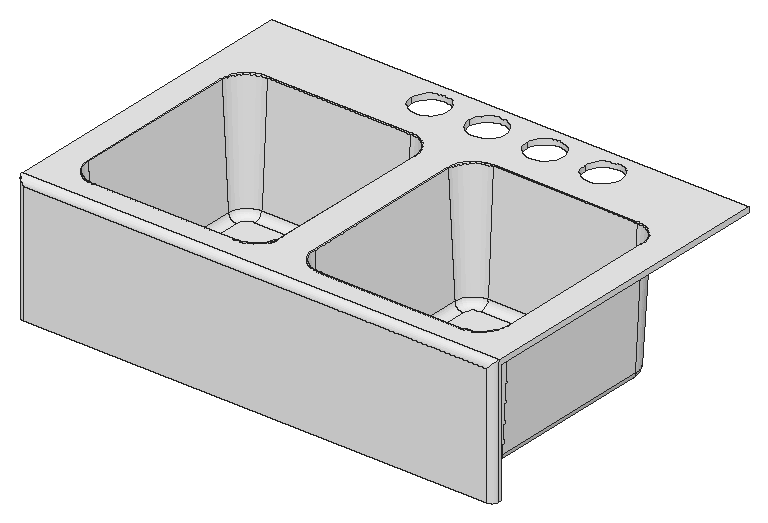
Revit family "Double_Sink-American_Standard-Delancey-77DB33220A.308", category Plumbing Fixtures, Revit 2014
Parameters (values of type "77DB33220A.308")
  Width = 33 1/16"  # constant formula
  Waste Connection Width = 15 9/16"  # constant formula
  Waste Connection Radius = Waste Connection Diameter / 2  # 3/4"
  Waste Connection Offset = 11 15/16"  # constant formula
  Waste Connection Diameter = 1 1/2"
  Waste Connection = 1 < 2  # yes
  Warranty Information = "Limited Lifetime Warranty"
  WFU = 4  # constant formula
  Vent Connection = no
  Undermount Installation = no
  URL = "https://www.americanstandard-us.com/"
  Type Comments = "Minimum 36\" (914mm) cabinet required"
  Topmount Installation = not(Undermount Installation)  # yes
  Sink Offset [instance] = 2"
  Product Page URL = ""
  Product Documentation Link = ""
  Price = "Prices may vary. Please consult Manufacturer Representative for most up-to-date price list."  # constant formula
  Mounting Height [instance] = if(Topmount Installation, Counter Thickness + 1/16", 0")  # 1 1/16"
  Model = "77DB33220A.308"
  Material = "Cast Iron-American Standard-308-Brilliant White"
  Manufacturer = "American Standard"  # constant formula
  Length = 22 1/16"  # constant formula
  Installation Type = "Dual Mount"  # constant formula
  Hot Water Connection Width = 4"
  Hot Water Connection Radius = Hot Water Connection Diameter / 2  # 1/4"
  Hot Water Connection Diameter = 1/2"
  Height = 8 11/16"  # constant formula
  HWFU = 3  # constant formula
  HW Connection = 1 < 2  # yes
  Gap = 29 1/8"  # constant formula
  Finish = Cast Iron-American Standard-308-Brilliant White
  Description = "Delancey Double Bowl Apron Front Kitchen Sink"  # constant formula
  Default Elevation = 34"  # constant formula
  Creation Date = "02/07/2019"  # constant formula
  Counter Thickness [instance] = 1"
  Cold Water Connection Width = 4"
  Cold Water Connection Radius = 1/4"
  Cold Water Connection Diameter = Cold Water Connection Radius * 2  # 1/2"
  CWFU = 3  # constant formula
  CW Connection = 1 < 2  # yes
  Bowl Width = 13 7/16"  # constant formula
  Bowl Length = 15 1/16"  # constant formula
  Basin Shape = "Rectangular"  # constant formula
  Assembly Code = "D2010410"
  Apron Height = 8 13/16"  # constant formula
  ADA Compliant = yes
Reference planes (in)
  plane 1 "Center (Front/Back)": y = 0
  plane 2: z = 0
  plane 3 "Center (Left/Right)": x = 0
  plane 4: x = -16.53125
  plane 5: x = 16.53125
  plane 6: y = -2
  plane 7: y = -24.0625
  plane 8: z = -1
  plane 9: z = -8.625
  plane 10: z = 0.0625
  plane 11: y = -3.9375
  plane 12: y = -7.03125
  plane 13: y = -22.09375
  plane 14: x = -7.78125
  plane 15: x = 7.78125
  plane 16: x = -14.5625
  plane 17: x = 14.5625
  plane 18: x = -1.125
  plane 19: x = 1.125
  plane 20: y = -13.9375
  plane 21: z = -11.0625
  plane 22: z = -12.5625
  plane 23: x = -4
  plane 24: x = 4
  plane 25: z = -8.75
  plane 26: y = -23.4375
  plane 27: z = -0.3125
  plane 28: x = -4
  plane 29: x = 4
  plane 30: x = 8
Forms (in)
  Sweep 1, solid, material "Cast Iron-American Standard-308-Brilliant White" <- "Finish"
    path origin (0, 0, 0) x (1, 0, 0) y (0, 1, 0)
      loop
        arc (-12.8125, -7.03125) -> (-14.04994, -7.54381) -> (-14.5625, -8.78125) r 1.75
        line (-14.5625, -8.78125) -> (-14.5625, -20.34375)
        arc (-14.5625, -20.34375) -> (-14.04994, -21.58119) -> (-12.8125, -22.09375) r 1.75
        line (-12.8125, -22.09375) -> (-2.875, -22.09375)
        arc (-2.875, -22.09375) -> (-1.63756, -21.58119) -> (-1.125, -20.34375) r 1.75
        line (-1.125, -20.34375) -> (-1.125, -8.78125)
        arc (-1.125, -8.78125) -> (-1.63756, -7.54381) -> (-2.875, -7.03125) r 1.75
        line (-2.875, -7.03125) -> (-12.8125, -7.03125)
    profile origin (-14.5625, -14.5625, 0) x (-1, 0, 0) y (0, 0, 1)
      loop
        arc (0.04139, 0.0625) -> (0.0113, 0.05054) -> (-0.00237, 0.02117) r 0.04383
        line (-0.00237, 0.02117) -> (-0.45994, -8.03518)
        arc (-0.45994, -8.03518) -> (-0.63414, -8.40948) -> (-1.01779, -8.56201) r 0.55876
        line (-1.01779, -8.56201) -> (-1.11196, -8.56201) -> (-1.11196, -8.625) -> (-0.99644, -8.625)
        arc (-0.99644, -8.625) -> (-0.58282, -8.46056) -> (-0.39501, -8.05702) r 0.60241
        line (-0.39501, -8.05702) -> (0.04471, -0.3125) -> (0.19685, -0.3125) -> (0.19685, 0.0625) -> (0.04139, 0.0625)
  Extrusion 2, solid, not visible
    sketch origin (0, 0, 0) x (1, 0, 0) y (0, 0, 1)
      loop
        circle (-4, -11.0625) r 0.25
      loop
        circle (4, -11.0625) r 0.25
      loop
        circle (0, -12.5625) r 0.75
    from 0 to 0.0625
  Extrusion 3, solid, material "Cast Iron-American Standard-308-Brilliant White" <- "Finish"
    sketch origin (0, 0, 0) x (0, 1, 0) y (0, 0, 1)
      loop
        line (-2, 0.0625) -> (-23.5625, 0.0625)
        arc (-23.5625, 0.0625) -> (-23.91605, -0.08395) -> (-24.0625, -0.4375) r 0.5
        line (-24.0625, -0.4375) -> (-24.0625, -8.75) -> (-23.4375, -8.75) -> (-23.4375, -0.3125) -> (-2, -0.3125) -> (-2, 0.0625)
    from -16.53125 to 16.53125
  Extrusion 4, void
    sketch origin (0, 0, 0) x (1, 0, 0) y (0, 1, 0)
      loop
        arc (-12.8125, -6.8344) -> (-14.18913, -7.40462) -> (-14.75935, -8.78125) r 1.94685
        line (-14.75935, -8.78125) -> (-14.75935, -20.34375)
        arc (-14.75935, -20.34375) -> (-14.18913, -21.72038) -> (-12.8125, -22.2906) r 1.94685
        line (-12.8125, -22.2906) -> (-2.875, -22.2906)
        arc (-2.875, -22.2906) -> (-1.49837, -21.72038) -> (-0.92815, -20.34375) r 1.94685
        line (-0.92815, -20.34375) -> (-0.92815, -8.78125)
        arc (-0.92815, -8.78125) -> (-1.49837, -7.40462) -> (-2.875, -6.8344) r 1.94685
        line (-2.875, -6.8344) -> (-12.8125, -6.8344)
      loop
        arc (2.875, -6.8344) -> (1.49837, -7.40462) -> (0.92815, -8.78125) r 1.94685
        line (0.92815, -8.78125) -> (0.92815, -20.34375)
        arc (0.92815, -20.34375) -> (1.49837, -21.72038) -> (2.875, -22.2906) r 1.94685
        line (2.875, -22.2906) -> (12.8125, -22.2906)
        arc (12.8125, -22.2906) -> (14.18913, -21.72038) -> (14.75935, -20.34375) r 1.94685
        line (14.75935, -20.34375) -> (14.75935, -8.78125)
        arc (14.75935, -8.78125) -> (14.18913, -7.40462) -> (12.8125, -6.8344) r 1.94685
        line (12.8125, -6.8344) -> (2.875, -6.8344)
      loop
        circle (-4, -3.9375) r 1.28125
      loop
        circle (4, -3.9375) r 1.28125
      loop
        circle (0, -3.9375) r 1.28125
      loop
        circle (8, -3.9375) r 1.28125
    from -0.3125 to 0.0625
  Sweep 5, solid, material "Cast Iron-American Standard-308-Brilliant White" <- "Finish"
    path origin (0, 0, 0) x (-1, 0, 0) y (0, 1, 0)
      loop
        arc (-12.8125, -7.03125) -> (-14.04994, -7.54381) -> (-14.5625, -8.78125) r 1.75
        line (-14.5625, -8.78125) -> (-14.5625, -20.34375)
        arc (-14.5625, -20.34375) -> (-14.04994, -21.58119) -> (-12.8125, -22.09375) r 1.75
        line (-12.8125, -22.09375) -> (-2.875, -22.09375)
        arc (-2.875, -22.09375) -> (-1.63756, -21.58119) -> (-1.125, -20.34375) r 1.75
        line (-1.125, -20.34375) -> (-1.125, -8.78125)
        arc (-1.125, -8.78125) -> (-1.63756, -7.54381) -> (-2.875, -7.03125) r 1.75
        line (-2.875, -7.03125) -> (-12.8125, -7.03125)
    profile origin (14.5625, -14.5625, 0) x (-1, 0, 0) y (0, 0, 1)
      loop
        line (-0.04139, 0.0625) -> (-0.19685, 0.0625) -> (-0.19685, -0.3125) -> (-0.04471, -0.3125) -> (0.39501, -8.05702)
        arc (0.39501, -8.05702) -> (0.58282, -8.46056) -> (0.99644, -8.625) r 0.60241
        line (0.99644, -8.625) -> (1.11196, -8.625) -> (1.11196, -8.56201) -> (1.01779, -8.56201)
        arc (1.01779, -8.56201) -> (0.63414, -8.40948) -> (0.45994, -8.03518) r 0.55876
        line (0.45994, -8.03518) -> (0.00237, 0.02117)
        arc (0.00237, 0.02117) -> (-0.0113, 0.05054) -> (-0.04139, 0.0625) r 0.04383
  Extrusion 6, solid, material "Cast Iron-American Standard-308-Brilliant White" <- "Finish"
    sketch origin (0, 0, 0) x (1, 0, 0) y (0, 1, 0)
      loop
        arc (-12.8125, -8.14321) -> (-13.26366, -8.33009) -> (-13.45054, -8.78125) r 0.63804
        line (-13.45054, -8.78125) -> (-13.45054, -20.34375)
        arc (-13.45054, -20.34375) -> (-13.26366, -20.79491) -> (-12.8125, -20.98179) r 0.63804
        line (-12.8125, -20.98179) -> (-2.875, -20.98179)
        arc (-2.875, -20.98179) -> (-2.42384, -20.79491) -> (-2.23696, -20.34375) r 0.63804
        line (-2.23696, -20.34375) -> (-2.23696, -8.78125)
        arc (-2.23696, -8.78125) -> (-2.42384, -8.33009) -> (-2.875, -8.14321) r 0.63804
        line (-2.875, -8.14321) -> (-12.8125, -8.14321)
      loop
        arc (2.875, -8.14321) -> (2.42384, -8.33009) -> (2.23696, -8.78125) r 0.63804
        line (2.23696, -8.78125) -> (2.23696, -20.34375)
        arc (2.23696, -20.34375) -> (2.42384, -20.79491) -> (2.875, -20.98179) r 0.63804
        line (2.875, -20.98179) -> (12.8125, -20.98179)
        arc (12.8125, -20.98179) -> (13.26366, -20.79491) -> (13.45054, -20.34375) r 0.63804
        line (13.45054, -20.34375) -> (13.45054, -8.78125)
        arc (13.45054, -8.78125) -> (13.26366, -8.33009) -> (12.8125, -8.14321) r 0.63804
        line (12.8125, -8.14321) -> (2.875, -8.14321)
      loop
        circle (-7.78125, -13.9375) r 1.78125
      loop
        circle (7.78125, -13.9375) r 1.78125
    from -8.625 to -8.56201
  Extrusion 7, void
    sketch origin (0, 0, 0) x (1, 0, 0) y (0, 1, 0)
      loop
        arc (-12.89256, -7.03125) -> (-14.07339, -7.52036) -> (-14.5625, -8.70119) r 1.66994
        line (-14.5625, -8.70119) -> (-14.5625, -20.42188)
        arc (-14.5625, -20.42188) -> (-14.07282, -21.60407) -> (-12.89062, -22.09375) r 1.67188
        line (-12.89062, -22.09375) -> (12.89063, -22.09375)
        arc (12.89063, -22.09375) -> (14.07282, -21.60407) -> (14.5625, -20.42188) r 1.67188
        line (14.5625, -20.42188) -> (14.5625, -8.70313)
        arc (14.5625, -8.70313) -> (14.07282, -7.52093) -> (12.89063, -7.03125) r 1.67188
        line (12.89063, -7.03125) -> (-12.89256, -7.03125)
    from -8.625 to 0.96576
  Extrusion 8, void
    sketch origin (0, 0, 0) x (1, 0, 0) y (0, 1, 0)
      loop
        line (-16.53125, -23.5877) -> (-16.53125, -24.0625) -> (-16.05645, -24.0625)
        arc (-16.05645, -24.0625) -> (-16.39218, -23.92343) -> (-16.53125, -23.5877) r 0.4748
      loop
        arc (16.53125, -23.5877) -> (16.39218, -23.92343) -> (16.05645, -24.0625) r 0.4748
        line (16.05645, -24.0625) -> (16.53125, -24.0625) -> (16.53125, -23.5877)
    from -8.75 to 0.0625
Cuts and joins
  Extrusion 4, Extrusion 8 cuts Extrusion 3
  joined: Sweep 1, Extrusion 3, Sweep 5, Extrusion 6
Lines and regions (in)
  Masking region 1
    outline origin (0, 0, 0) x (1, 0, 0) y (0, 1, 0)
      loop
        line (16.53125, -2) -> (-16.53125, -2) -> (-16.53125, -23.5877)
        arc (-16.53125, -23.5877) -> (-16.39218, -23.92343) -> (-16.05645, -24.0625) r 0.4748
        line (-16.05645, -24.0625) -> (16.05645, -24.0625)
        arc (16.05645, -24.0625) -> (16.39218, -23.92343) -> (16.53125, -23.5877) r 0.4748
        line (16.53125, -23.5877) -> (16.53125, -2)
  symbolic lines, detail levels fine
    curve 1: circle (-7.78125, -13.9375, 0) r 1.78125 normal (0, 0, 1)
    curve 2: circle (7.78125, -13.9375, 0) r 1.78125 normal (0, 0, 1)
    curve 3: circle (-4, -3.9375, 0) r 1.28125 normal (0, 0, 1)
    curve 4: circle (0, -3.9375, 0) r 1.28125 normal (0, 0, 1)
    curve 5: circle (4, -3.9375, 0) r 1.28125 normal (0, 0, 1)
    curve 6: circle (8, -3.9375, 0) r 1.28125 normal (0, 0, 1)
  symbolic lines, detail levels medium+fine
    curve 7: line (-2.875, -6.98654, 0) -> (-12.8125, -6.98654, 0)
    curve 8: line (-14.5625, -8.70119, 0) -> (-14.5625, -20.42188, 0)
    curve 9: line (-1.08029, -20.34375, 0) -> (-1.08029, -8.78125, 0)
    curve 10: line (-12.8125, -22.13846, 0) -> (-2.875, -22.13846, 0)
    curve 11: arc (-12.89256, -7.03125, 0) -> (-14.07339, -7.52036, 0) -> (-14.5625, -8.70119, 0) r 1.66994
    curve 12: arc (-1.08029, -8.78125, 0) -> (-1.60595, -7.5122, 0) -> (-2.875, -6.98654, 0) r 1.79471
    curve 13: arc (-2.875, -22.13846, 0) -> (-1.60595, -21.6128, 0) -> (-1.08029, -20.34375, 0) r 1.79471
    curve 14: arc (-14.5625, -20.42188, 0) -> (-14.07282, -21.60407, 0) -> (-12.89062, -22.09375, 0) r 1.67188
    curve 15: line (12.8125, -6.98654, 0) -> (2.875, -6.98654, 0)
    curve 16: line (1.08029, -8.78125, 0) -> (1.08029, -20.34375, 0)
    curve 17: line (14.5625, -20.42188, 0) -> (14.5625, -8.70313, 0)
    curve 18: line (2.875, -22.13846, 0) -> (12.8125, -22.13846, 0)
    curve 19: arc (2.875, -6.98654, 0) -> (1.60595, -7.5122, 0) -> (1.08029, -8.78125, 0) r 1.79471
    curve 20: arc (14.5625, -8.70313, 0) -> (14.07282, -7.52093, 0) -> (12.89063, -7.03125, 0) r 1.67188
    curve 21: arc (12.89063, -22.09375, 0) -> (14.07282, -21.60407, 0) -> (14.5625, -20.42188, 0) r 1.67188
    curve 22: arc (1.08029, -20.34375, 0) -> (1.60595, -21.6128, 0) -> (2.875, -22.13846, 0) r 1.79471
Dimensions and locks (in)
  equal spacing: plane 4, plane 3 "Center (Left/Right)", plane 5
  "Sink Offset": plane 1 "Center (Front/Back)" to plane 6
  "Length": plane 6 to plane 7
  "Width": plane 4 to plane 5
  "Counter Thickness": level to plane 8
  "Mounting Height": plane 10 to plane 8
  "Height": plane 10 to plane 9
  locked: plane 11 to plane 6 at 1.9375
  "Bowl Length": plane 13 to plane 12
  "Bowl Width": plane 16 to plane 18
  "Bowl Width": plane 19 to plane 17
  "Waste Connection Offset": plane 6 to plane 20
  locked: Sweep 1 sketch curve to plane 9 at 0.06299
  locked: level to plane 21 at 11.0625
  locked: level to plane 22 at 12.5625
  "Hot Water Connection Width": plane 23 to plane 3 "Center (Left/Right)"
  "Cold Water Connection Width": plane 24 to plane 3 "Center (Left/Right)"
  equal spacing: plane 16, plane 3 "Center (Left/Right)", plane 17
  "Gap": plane 16 to plane 17
  locked: plane 12 to plane 6 at 5.03125
  "Apron Height": plane 10 to plane 25
  locked: plane 26 to plane 7 at 0.625
  locked: plane 27 to plane 10 at 0.375
  locked: plane 16 to Sweep 1 sketch curve at 0.00237
  locked: Sweep 1 sketch curve to plane 16 at 0.04471
  locked: Sweep 1 sketch curve to plane 16 at 0.19685
  locked: Sweep 5 sketch curve to plane 9 at 0.06299
  locked: plane 17 to Sweep 5 sketch curve at 0.00237
  locked: Sweep 5 sketch curve to plane 17 at 0.19685
  locked: Sweep 5 sketch curve to plane 17 at 0.04471
  locked: plane 17 to Sweep 5 sketch curve at 0.39501
  locked: plane 17 to Sweep 5 sketch curve at 0.45994
  locked: plane 16 to Sweep 1 sketch curve at 0.39501
  locked: plane 16 to Sweep 1 sketch curve at 0.45994
  equal spacing: plane 28, plane 3 "Center (Left/Right)", plane 29, plane 30
  locked: plane 28 to plane 30 at 12
  locked: Extrusion 8 sketch curve to plane 7 at 0.4748  (x2)
  locked: plane 4 to Extrusion 8 sketch curve at 0.4748
  locked: Extrusion 8 sketch curve to plane 5 at 0.4748
  locked: Extrusion 7 to level at 0.96576
  equal spacing: plane 14, plane 3 "Center (Left/Right)", plane 15
  "Waste Connection Width": plane 14 to plane 15
  "Hot Water Connection Diameter": diameter of Extrusion 2 sketch curve
  "Cold Water Connection Diameter": diameter of Extrusion 2 sketch curve
  "Waste Connection Diameter": diameter of Extrusion 2 sketch curve
  radius of Extrusion 3 sketch curve = 1/2"
  radius of Sweep 1 sketch curve = 1 3/4"  (x4)
  radius of Sweep 1 sketch curve = 0.04383"
  radius of Sweep 1 sketch curve = 0.55876"
  radius of Sweep 1 sketch curve = 0.60241"
  radius of Sweep 5 sketch curve = 1 3/4"  (x4)
  radius of Sweep 5 sketch curve = 0.04383"
  radius of Sweep 5 sketch curve = 0.55876"
  radius of Sweep 5 sketch curve = 0.60241"
  diameter of Extrusion 6 sketch curve = 3 9/16"  (x2)
  diameter of Extrusion 4 sketch curve = 2 9/16"  (x4)
  radius of Extrusion 7 sketch curve = 1.66994"
  radius of Extrusion 7 sketch curve = 1 43/64"  (x3)
  radius of Extrusion 8 sketch curve = 0.4748"  (x2)
  aligned and locked: plane 12 to Sweep 1 sketch curve
  aligned and locked: Sweep 1 sketch curve to plane 16
  aligned and locked: Sweep 1 sketch curve to plane 13
  aligned and locked: Sweep 1 sketch curve to plane 18
  aligned and locked: plane 9 to Sweep 1 sketch curve
  aligned and locked: plane 21 to Extrusion 2 sketch curve  (x2)
  aligned and locked: plane 24 to Extrusion 2 sketch curve
  aligned and locked: plane 23 to Extrusion 2 sketch curve
  aligned and locked: plane 22 to Extrusion 2 sketch curve
  aligned and locked: plane 3 "Center (Left/Right)" to Extrusion 2 sketch curve
  aligned and locked: Extrusion 3 sketch curve to plane 10
  aligned and locked: plane 26 to Extrusion 3 sketch curve
  aligned and locked: Extrusion 3 sketch curve to plane 7
  aligned and locked: plane 6 to Extrusion 3 sketch curve
  aligned and locked: plane 27 to Extrusion 3 sketch curve
  aligned and locked: plane 7 to Extrusion 3 sketch curve
  aligned and locked: Extrusion 3 to plane 5
  aligned and locked: Extrusion 3 to plane 4
  aligned and locked: Extrusion 3 sketch curve to plane 25
  aligned and locked: plane 27 to Sweep 1 sketch curve
  aligned and locked: Sweep 1 sketch curve to plane 10
  aligned and locked: Extrusion 4 sketch curve to Sweep 1  (x4)
  aligned and locked: Sweep 5 sketch curve to plane 12
  aligned and locked: plane 19 to Sweep 5 sketch curve
  aligned and locked: plane 13 to Sweep 5 sketch curve
  aligned and locked: plane 17 to Sweep 5 sketch curve
  aligned and locked: Sweep 5 sketch curve to plane 9
  aligned and locked: Sweep 5 sketch curve to plane 27
  aligned and locked: plane 10 to Sweep 5 sketch curve
  aligned and locked: Extrusion 4 sketch curve to Sweep 5  (x4)
  aligned and locked: Extrusion 6 sketch curve to Sweep 1  (x4)
  aligned and locked: Extrusion 6 sketch curve to Sweep 5  (x4)
  aligned and locked: plane 14 to Extrusion 6 sketch curve
  aligned and locked: plane 15 to Extrusion 6 sketch curve
  aligned and locked: plane 20 to Extrusion 6 sketch curve  (x2)
  aligned and locked: Extrusion 6 to Sweep 5  (x2)
  aligned and locked: plane 28 to Extrusion 4 sketch curve
  aligned and locked: plane 3 "Center (Left/Right)" to Extrusion 4 sketch curve
  aligned and locked: plane 29 to Extrusion 4 sketch curve
  aligned and locked: plane 30 to Extrusion 4 sketch curve
  aligned and locked: plane 11 to Extrusion 4 sketch curve  (x4)
  aligned and locked: Extrusion 4 to plane 10
  aligned and locked: Extrusion 4 to Sweep 1
  aligned and locked: plane 12 to Extrusion 7 sketch curve
  aligned and locked: Extrusion 7 sketch curve to plane 16
  aligned and locked: Extrusion 7 sketch curve to plane 13
  aligned and locked: Extrusion 7 sketch curve to plane 17
  aligned and locked: plane 9 to Extrusion 7
  aligned and locked: Extrusion 8 sketch curve to plane 4
  aligned and locked: Extrusion 8 sketch curve to plane 7
  aligned and locked: plane 5 to Extrusion 8 sketch curve
  aligned and locked: plane 7 to Extrusion 8 sketch curve
  aligned and locked: Extrusion 8 to plane 25
  aligned and locked: Extrusion 8 to plane 10
  aligned and locked: Masking region 1 sketch curve to cut or joined group of Sweep 1, Extrusion 3, Extrusion 4, Sweep 5, Extrusion 6, Extrusion 8  (x4)
  aligned and locked: curve 3 to cut or joined group of Sweep 1, Extrusion 3, Extrusion 4, Sweep 5, Extrusion 6, Extrusion 8
  aligned and locked: curve 4 to cut or joined group of Sweep 1, Extrusion 3, Extrusion 4, Sweep 5, Extrusion 6, Extrusion 8
  aligned and locked: curve 5 to cut or joined group of Sweep 1, Extrusion 3, Extrusion 4, Sweep 5, Extrusion 6, Extrusion 8
  aligned and locked: curve 6 to cut or joined group of Sweep 1, Extrusion 3, Extrusion 4, Sweep 5, Extrusion 6, Extrusion 8
  aligned and locked: curve 1 to cut or joined group of Sweep 1, Extrusion 3, Extrusion 4, Sweep 5, Extrusion 6, Extrusion 8
  aligned and locked: curve 2 to cut or joined group of Sweep 1, Extrusion 3, Extrusion 4, Sweep 5, Extrusion 6, Extrusion 8
  aligned and locked: curve 10 to cut or joined group of Sweep 1, Extrusion 3, Extrusion 4, Sweep 5, Extrusion 6, Extrusion 8
  aligned and locked: curve 11 to Extrusion 7
  aligned and locked: curve 12 to cut or joined group of Sweep 1, Extrusion 3, Extrusion 4, Sweep 5, Extrusion 6, Extrusion 8
  aligned and locked: curve 13 to cut or joined group of Sweep 1, Extrusion 3, Extrusion 4, Sweep 5, Extrusion 6, Extrusion 8
  aligned and locked: curve 14 to Extrusion 7
  aligned and locked: curve 15 to cut or joined group of Sweep 1, Extrusion 3, Extrusion 4, Sweep 5, Extrusion 6, Extrusion 8
  aligned and locked: curve 19 to cut or joined group of Sweep 1, Extrusion 3, Extrusion 4, Sweep 5, Extrusion 6, Extrusion 8
  aligned and locked: curve 20 to Extrusion 7
  aligned and locked: curve 21 to Extrusion 7
  aligned and locked: curve 22 to cut or joined group of Sweep 1, Extrusion 3, Extrusion 4, Sweep 5, Extrusion 6, Extrusion 8
Automatic sketch dimensions
  Sweep 1 sketch curve to Sweep 1 sketch curve = 0.5365"
  Sweep 1 sketch curve to Sweep 1 sketch curve = 0.02135"
  Sweep 1 sketch curve to Sweep 1 sketch curve = 0.09417"
  Sweep 1 sketch curve to profile plane = 0.04139"
  profile plane to Sweep 5 sketch curve = 0.04139"
  Sweep 5 sketch curve to Sweep 5 sketch curve = 0.5365"
  Sweep 5 sketch curve to Sweep 5 sketch curve = 0.02135"
  Sweep 5 sketch curve to Sweep 5 sketch curve = 0.09417"
  Extrusion 7 sketch curve to plane 17 = 0"
  Extrusion 8 sketch curve to Extrusion 8 sketch curve = 0"  (x4)
  curve 7 to plane 16 = 1 3/4"
  curve 10 to plane 16 = 1 3/4"
  curve 15 to plane 17 = 1 3/4"
  curve 18 to plane 17 = 1 3/4"
Connectors (in)
  piping at (-4, 0, -11.0625), diameter 0.5, driven by "HWFU", driven by "Hot Water Connection Diameter"
    settings: on Extrusion 2, index 1, connector inside diameter 24", connector length 0", flow factor 0, pipe flow 0 GPM, pressure drop 0.00 psi, fitting loss kfactor 0, connector angle 0.00°, fixture units 3, engagement length 0", angle of deflection 0.00°, flow configuration 3, flow direction 1, fitting loss method 0, system type 19, joint type 0, gender type 0, connector reference index -1, connector utility 0, adjustable connector no, is connector primary yes, connector description "1/2\" HW Inlet"
  piping at (0, 0, -12.5625), diameter 1.5, driven by "WFU", driven by "Waste Connection Diameter"
    settings: on Extrusion 2, index 2, connector inside diameter 24", connector length 0", flow factor 0, pipe flow 0 GPM, pressure drop 0.00 psi, fitting loss kfactor 0, connector angle 0.00°, fixture units 4, engagement length 0", angle of deflection 0.00°, flow configuration 3, flow direction 2, fitting loss method 0, system type 16, joint type 0, gender type 0, connector reference index -1, connector utility 0, adjustable connector yes, is connector primary no, connector description "1-1/2\" Waste Outlet"
  piping at (4, 0, -11.0625), diameter 0.5, driven by "CWFU", driven by "Cold Water Connection Diameter"
    settings: on Extrusion 2, index 3, connector inside diameter 24", connector length 0", flow factor 0, pipe flow 0 GPM, pressure drop 0.00 psi, fitting loss kfactor 0, connector angle 0.00°, fixture units 3, engagement length 0", angle of deflection 0.00°, flow configuration 3, flow direction 1, fitting loss method 0, system type 20, joint type 0, gender type 0, connector reference index -1, connector utility 0, adjustable connector no, is connector primary no, connector description "1/2\" CW Inlet"
